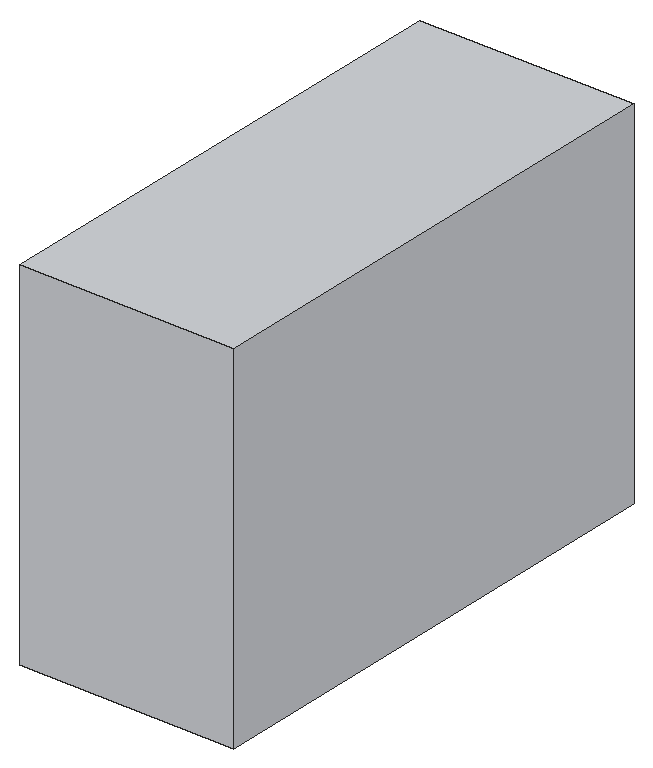
Revit family
Parameters
  Warranty Duration (Years) = 0
  Unit Width [instance] = 1' - 2 1/4"
  Unit Height [instance] = 6' - 2"
  Unit Depth = 0' - 0 1/4"
  URL = "http://www.americanspecialties.com/viewCategories.cfm"
  Trim Material = Metal - Stainless Steel
  Test Data = ""
  Specification = "http://www.arcat.com/sdspecs/htm/10810asi.htm"
  SpecWizard = ""
  Send Message = "http://www.arcat.com/users.pl?action=UserEmail&company=American%20Specialties,%20Inc.&coid=30448&rep=139&fax=914-476-0688&mf="
  Sales Information = "http://www.americanspecialties.com/contact"
  Revision = "R1_10-2010"
  Product Properties = "http://www.americanspecialties.com/datasheets/0460.pdf"
  Product Data = "http://www.arcat.com/arcatcos/cos30/arc30448.html"
  Model = "As Specified in 10 28 13"
  Manufacturer Website = "http://www.americanspecialties.com/viewCategories.cfm"
  Manufacturer Phone - Toll Free = ""
  Manufacturer Phone = "914-476-9000 "
  Manufacturer Fax = "914-476-0688"
  Manufacturer Address = "441 Saw Mill River Rd., Yonkers, NY 10701"
  Manufacturer = "American Specialties, Inc."
  Maintenance Schedule (Months) = 0
  Keynote = "10 28 13"
  Installation-Fabrication = "http://www.americanspecialties.com/products.cfm"
  Green Building-LEED = ""
  Expected Lifespan (Years) = 0
  Drawn By = "Robert S. Weygant. CSI, CDT, SCIP"  # constant formula
  Description = "Toilet Accessory as Specified in 10 28 13"
  Default Elevation = 4' - 0"
  Copyright = "©Arcat Inc."
  Construction Details = "http://www.arcat.com/green/clients/leed_data_30448.html"
  Building Codes = "http://www.americanspecialties.com/products.cfm"
  Body Material = Metal - Stainless Steel
  Assembly Code = "C1030210"
Reference planes (in)
  plane 1 "Center (Front/Back)": y = -0.29112
  plane 2 "Floor Line": z = 0
  plane 3 "Center (Left/Right)": x = -0.65843
Forms (in)
  Extrusion 1, solid
    sketch origin (-3, -9, -6) x (0, 0, -1) y (1, 0, 0)
      loop
        line (-82, 26) -> (-82, -19.34712) -> (-6, -19.34712) -> (-6, 26) -> (-82, 26)
    from 44.29112 to -61.72043
  Extrusion 2, solid, material "Metal - Stainless Steel" <- "Body Material"
    sketch origin (0, 4, 0) x (1, 0, 0) y (0, 1, 0)
      loop
        line (-6.78343, 31.70888) -> (-6.78343, -40.29112) -> (5.46657, -40.29112) -> (5.46657, 31.70888) -> (-6.78343, 31.70888)
    from 0 to -8
  Extrusion 3, void
    sketch origin (-34.00004, 9.0947, 0.7087) x (1, 0, 0) y (0, 0.325568, 0.945519)
      loop
        arc (36.9789, -1.93171) -> (37.15918, -1.6799) -> (36.96663, -1.43734) r 0.25717
        line (36.96663, -1.43734) -> (36.21387, -1.43734)
        arc (36.21387, -1.43734) -> (33.33353, -0.76588) -> (30.45405, -1.44101) r 6.49582
        line (30.45405, -1.44101) -> (29.69611, -1.44101)
        arc (29.69611, -1.44101) -> (29.51617, -1.68772) -> (29.69972, -1.93175) r 0.25651
        line (29.69972, -1.93175) -> (30.47907, -1.93175)
        arc (30.47907, -1.93175) -> (33.3416, -2.19917) -> (36.20414, -1.93171) r 15.453
        line (36.20414, -1.93171) -> (36.9789, -1.93171)
    from -9.32112 to -9.73687
  Extrusion 4, solid, material "Metal - Stainless Steel" <- "Trim Material"
    sketch origin (0.375, 9.5, -0.4375) x (1, 0, 0) y (0, 1, 0)
      loop
        circle (-5.15843, 17.70888) r 0.5
      loop
        line (-5.21525, 17.29024) -> (-5.10162, 17.29024) -> (-5.10162, 18.13975) -> (-5.21525, 18.13975) -> (-5.21525, 17.29024)
    from 0.6875 to 0.76916
  Extrusion 5, solid, material "Metal - Stainless Steel" <- "Body Material"
    sketch origin (0, 0, 0) x (1, 0, 0) y (0, 1, 0)
      loop
        line (-6.78343, 35.70888) -> (-6.78343, 18.70888) -> (5.46657, 18.70888) -> (5.46657, 35.70888) -> (-6.78343, 35.70888)
    from 0 to 0.25
  Extrusion 6, solid, material "Metal - Stainless Steel" <- "Body Material"
    sketch origin (0, 0, 0) x (1, 0, 0) y (0, 1, 0)
      loop
        line (-6.78343, 1.70888) -> (5.46657, 1.70888) -> (5.46657, 2.70888) -> (-6.78343, 2.70888) -> (-6.78343, 1.70888)
    from -8 to 0.25
  Extrusion 7, solid, material "Metal - Stainless Steel" <- "Body Material"
    sketch origin (0, -34, 0) x (1, 0, 0) y (0, 1, 0)
      loop
        line (-6.78343, 35.70888) -> (-6.78343, -2.29112) -> (5.46657, -2.29112) -> (5.46657, 35.70888) -> (-6.78343, 35.70888)
    from 0 to 0.25
  Extrusion 8, solid, material "Metal - Stainless Steel" <- "Body Material"
    sketch origin (0, 0, 0) x (1, 0, 0) y (0, 1, 0)
      loop
        line (-7.78343, 36.70888) -> (-7.78343, -37.29112) -> (6.46657, -37.29112) -> (6.46657, 36.70888) -> (-7.78343, 36.70888)
      loop
        line (5.46657, -36.29112) -> (5.46657, 35.70888) -> (-6.78343, 35.70888) -> (-6.78343, -36.29112) -> (5.46657, -36.29112)
    from 0 to 0.25
  Extrusion 9, solid, material "Metal - Stainless Steel" <- "Trim Material"
    sketch origin (0.375, -17.75, -0.4375) x (1, 0, 0) y (0, 1, 0)
      loop
        circle (-5.15843, 17.70888) r 0.5
      loop
        line (-5.21525, 17.29024) -> (-5.10162, 17.29024) -> (-5.10162, 18.13975) -> (-5.21525, 18.13975) -> (-5.21525, 17.29024)
    from 0.6875 to 0.76916
  Extrusion 10, solid, material "Metal - Stainless Steel" <- "Trim Material"
    sketch origin (0.375, -16.83223, -0.4375) x (1, 0, 0) y (0, 1, 0)
      loop
        circle (-5.15843, -17.70888) r 0.5
      loop
        line (-5.21525, -17.29024) -> (-5.21525, -18.13975) -> (-5.10162, -18.13975) -> (-5.10162, -17.29024) -> (-5.21525, -17.29024)
    from 0.6875 to 0.76916
  Extrusion 11, void
    sketch origin (-0.65843, 0, 0) x (0, 1, 0) y (0, 0, 1)
      loop
        line (18.70888, 0.25) -> (2.72637, 0.25) -> (2.72637, -7.93581) -> (15.97637, -7.93581) -> (18.70888, 0) -> (18.70888, 0.25)
    from -6.10211 to 6.09554
  Extrusion 12, void
    sketch origin (0, 0, 0) x (1, 0, 0) y (0, 1, 0)
      loop
        line (-6.78343, 35.70888) -> (-6.78343, -36.29112) -> (5.46657, -36.29112) -> (5.46657, 35.70888) -> (-6.78343, 35.70888)
    from 0 to -8
Cuts and joins
  Extrusion 3, Extrusion 11 cuts Extrusion 2
  Extrusion 11 cuts Extrusion 5
  Extrusion 11 cuts Extrusion 8
Dimensions and locks (in)
  locked: Extrusion 2 to Extrusion 2 at 72
  equal spacing: Extrusion 2, plane 1 "Center (Front/Back)", Extrusion 2
  equal spacing: Extrusion 2, plane 3 "Center (Left/Right)", Extrusion 2
  locked: Extrusion 2 to Extrusion 2 at 12.25
  aligned and locked: Extrusion 1 to level
Automatic sketch dimensions
  Extrusion 1 sketch curve to Extrusion 1 sketch curve = 6' - 4"
  Extrusion 1 sketch curve to Extrusion 1 sketch curve = 3' - 9.34712"
  Extrusion 2 sketch curve to plane 3 "Center (Left/Right)" = 0' - 6 1/8"
  plane 3 "Center (Left/Right)" to Extrusion 2 sketch curve = 0' - 6 1/8"
  plane 1 "Center (Front/Back)" to Extrusion 2 sketch curve = 3' - 0"
  Extrusion 2 sketch curve to plane 1 "Center (Front/Back)" = 3' - 0"
  Extrusion 4 sketch curve to plane 3 "Center (Left/Right)" = 0' - 4.18181"
  Extrusion 4 sketch curve to Extrusion 4 sketch curve = 0' - 0.05681"
  Extrusion 4 sketch curve to Extrusion 4 sketch curve = 0' - 0.11363"
  Extrusion 4 sketch curve to plane 1 "Center (Front/Back)" = 2' - 3.08136"
  Extrusion 4 sketch curve to Extrusion 4 sketch curve = 0' - 0.41864"
  Extrusion 4 sketch curve to Extrusion 4 sketch curve = 0' - 0.43086"
  Extrusion 5 sketch curve to plane 3 "Center (Left/Right)" = 0' - 6 1/8"
  plane 3 "Center (Left/Right)" to Extrusion 5 sketch curve = 0' - 6 1/8"
  Extrusion 5 sketch curve to plane 1 "Center (Front/Back)" = 1' - 7"
  Extrusion 5 sketch curve to Extrusion 5 sketch curve = 1' - 5"
  Extrusion 6 sketch curve to plane 1 "Center (Front/Back)" = 0' - 3"
  Extrusion 6 sketch curve to plane 3 "Center (Left/Right)" = 0' - 6 1/8"
  plane 3 "Center (Left/Right)" to Extrusion 6 sketch curve = 0' - 6 1/8"
  Extrusion 6 sketch curve to Extrusion 6 sketch curve = 0' - 1"
  Extrusion 7 sketch curve to plane 3 "Center (Left/Right)" = 0' - 6 1/8"
  plane 3 "Center (Left/Right)" to Extrusion 7 sketch curve = 0' - 6 1/8"
  plane 1 "Center (Front/Back)" to Extrusion 7 sketch curve = 3' - 0"
  Extrusion 7 sketch curve to plane 1 "Center (Front/Back)" = 0' - 2"
  Extrusion 8 sketch curve to plane 3 "Center (Left/Right)" = 0' - 7 1/8"
  Extrusion 8 sketch curve to Extrusion 8 sketch curve = 0' - 1"  (x4)
  plane 3 "Center (Left/Right)" to Extrusion 8 sketch curve = 0' - 6 1/8"
  plane 1 "Center (Front/Back)" to Extrusion 8 sketch curve = 3' - 1"
  Extrusion 8 sketch curve to plane 1 "Center (Front/Back)" = 3' - 0"
  plane 1 "Center (Front/Back)" to Extrusion 9 sketch curve = 0' - 0.16864"
  Extrusion 9 sketch curve to plane 3 "Center (Left/Right)" = 0' - 4.18181"
  Extrusion 9 sketch curve to Extrusion 9 sketch curve = 0' - 0.05681"
  Extrusion 9 sketch curve to Extrusion 9 sketch curve = 0' - 0.11363"
  Extrusion 9 sketch curve to plane 1 "Center (Front/Back)" = 0' - 0 1/4"
  Extrusion 9 sketch curve to Extrusion 9 sketch curve = 0' - 0.43086"
  Extrusion 10 sketch curve to plane 3 "Center (Left/Right)" = 0' - 4.18181"
  Extrusion 10 sketch curve to Extrusion 10 sketch curve = 0' - 0.05681"
  Extrusion 10 sketch curve to Extrusion 10 sketch curve = 0' - 0.11363"
  plane 1 "Center (Front/Back)" to Extrusion 10 sketch curve = 2' - 10.68086"
  Extrusion 10 sketch curve to Extrusion 10 sketch curve = 0' - 0.43086"
  Extrusion 10 sketch curve to Extrusion 10 sketch curve = 0' - 0.41864"
  Extrusion 11 sketch curve to level = 0' - 0"
  Extrusion 11 sketch curve to plane 1 "Center (Front/Back)" = 0' - 3.01748"
  Extrusion 11 sketch curve to Extrusion 11 sketch curve = 1' - 1 1/4"
  Extrusion 11 sketch curve to Extrusion 11 sketch curve = 0' - 2.73252"
  Extrusion 11 sketch curve to level = 0' - 7.93581"
  Extrusion 11 sketch curve to Extrusion 11 sketch curve = 0' - 0 1/4"
  Extrusion 3 sketch curve to plane 3 "Center (Left/Right)" = 0' - 3.64549"
  Extrusion 3 sketch curve to Extrusion 3 sketch curve = 0' - 0.00361"
  Extrusion 3 sketch curve to Extrusion 3 sketch curve = 0' - 0.07656"
  Extrusion 3 sketch curve to Extrusion 3 sketch curve = 0' - 0.68138"
  Extrusion 3 sketch curve to Extrusion 3 sketch curve = 0' - 0.02502"
  Extrusion 3 sketch curve to plane 3 "Center (Left/Right)" = 0' - 0.00393"
  Extrusion 3 sketch curve to plane 3 "Center (Left/Right)" = 0' - 0.00011"
  plane 3 "Center (Left/Right)" to Extrusion 3 sketch curve = 0' - 2.86253"
  plane 3 "Center (Left/Right)" to Extrusion 3 sketch curve = 0' - 2.87226"
  Extrusion 3 sketch curve to Extrusion 3 sketch curve = 0' - 0.68822"
  Extrusion 3 sketch curve to Extrusion 3 sketch curve = 0' - 0.06454"
  Extrusion 3 sketch curve to Extrusion 3 sketch curve = 0' - 0.07681"
  Extrusion 3 sketch curve to Extrusion 3 sketch curve = 0' - 5.32995"
  Extrusion 3 sketch curve to Extrusion 3 sketch curve = 0' - 0.24543"
  Extrusion 3 sketch curve to Extrusion 3 sketch curve = 1' - 2.69116"
  Extrusion 12 sketch curve to plane 3 "Center (Left/Right)" = 0' - 6 1/8"
  plane 3 "Center (Left/Right)" to Extrusion 12 sketch curve = 0' - 6 1/8"
  plane 1 "Center (Front/Back)" to Extrusion 12 sketch curve = 3' - 0"
  Extrusion 12 sketch curve to plane 1 "Center (Front/Back)" = 3' - 0"
  radius of Extrusion 4 sketch curve = 0' - 0 1/2"
  radius of Extrusion 9 sketch curve = 0' - 0 1/2"
  radius of Extrusion 10 sketch curve = 0' - 0 1/2"
